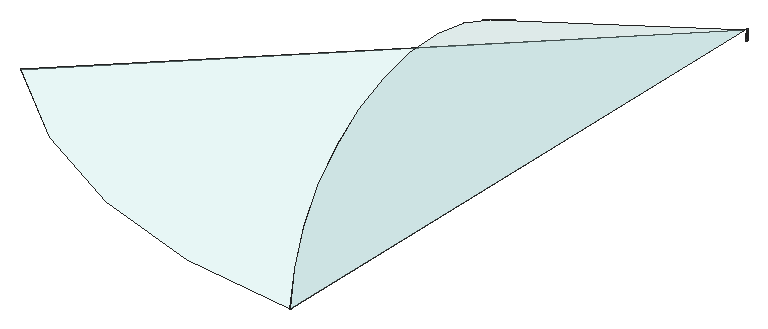
Revit family "Rotor 5000 Series - 5004PCNP", category Acessórios do tubo, Revit 2020
Family settings
  Cota do conector redondo = Utilizar diâmetro
  Tipo de parte = Normal
  Número OmniClass = 23.60.30.11.14
  Título OmniClass = Pipework Fittings
  Com base no plano de trabalho = Não
  Sempre na vertical = Sim
  Corte com vazios quando carregada = Não
  Compartilhado = Não
Parameters (values of type "Rain Curtain 6.0")
  Water = Water
  URL = "https://www.rainbird.com/"
  TABLE 65 = "TABLE 65psi"
  TABLE 55 75 = "TABLE 55 75psi"
  TABLE 55 = "TABLE 55psi"
  TABLE 45 = "TABLE 45psi"
  TABLE 35 = "TABLE 35psi"
  TABLE 25 = "TABLE 25psi"
  SupportProjetos: Reviw Date = ""  # constant formula
  SupportProjetos: Reviw = "R00"  # constant formula
  SupportProjetos: Level of Detail = "LOD 300"  # constant formula
  SupportProjetos: Developed = "MICHEL SOARES MOTA"  # constant formula
  SupportProjetos: Creation Date = "07/08/2020"  # constant formula
  Side inlet = no
  Rotation Water Visibility [instance] = Pop up on  # yes
  Rotation Angle [instance] = 45.00°
  RainBird: Product Link = "https://www.rainbird.com/"
  RainBird: Description = "5004PCNP Rotor "  # constant formula
  RainBird: Comment [instance] = ""
  RainBird: Code = "Y55027NP"  # constant formula
  Radius [instance] = if(and(Pressure = 25.0 psi, Instance < 25 ft), size_lookup(TABLE 25, "Radius", 0 ft, Instance), if(and(Pressure = 35.0 psi, Instance < 25 ft), size_lookup(TABLE 35, "Radius", 0 ft, Instance), if(and(Pressure = 45.0 psi, Instance < 25 ft), size_lookup(TABLE 45, "Radius", 0 ft, Instance), if(and(Pressure = 55.0 psi, Instance < 13 ft), size_lookup(TABLE 55, "Radius", 0 ft, Instance), if(and(Pressure = 65.0 psi, Instance < 13 ft), size_lookup(TABLE 65, "Radius", 0 ft, Instance), if(and(Pressure > 55.0 psi, Instance > 13 ft), size_lookup(TABLE 55 75, "Radius", 0 ft, Instance), 0 ft))))))  # 50 ft
  RT = 0.009893 ft
  RN = 0.032808 ft
  R5 = 0.03937 ft
  R4 = 0.04101 ft
  R3 = 0.065617 ft
  R2 = 0.075407 ft
  R1 = 0.032808 ft
  Pressure [instance] = 55.0 psi
  Pop up height = 0.334646 ft
  Pop up on [instance] = yes
  Modelo = "5004PCNP"  # constant formula
  Instance = 7 ft
  H1 = Body height / 3  # 0.194663 ft
  Flow [instance] = if(and(Pressure = 25.0 psi, Instance < 25 ft), size_lookup(TABLE 25, "Flow", 0.0 GPM, Instance), if(and(Pressure = 35.0 psi, Instance < 25 ft), size_lookup(TABLE 35, "Flow", 0.0 GPM, Instance), if(and(Pressure = 45.0 psi, Instance < 25 ft), size_lookup(TABLE 45, "Flow", 0.0 GPM, Instance), if(and(Pressure = 55.0 psi, Instance < 13 ft), size_lookup(TABLE 55, "Flow", 0.0 GPM, Instance), if(and(Pressure = 65.0 psi, Instance < 13 ft), size_lookup(TABLE 65, "Flow", 0.0 GPM, Instance), if(and(Pressure > 55.0 psi, Instance > 13 ft), size_lookup(TABLE 55 75, "Flow", 0.0 GPM, Instance), 0.0 GPM))))))  # 6.63 GPM
  Fabricante = "Rain Bird"
  Elevação padrão = 0 ft
  Description = RainBird: Description  # "5004PCNP Rotor "
  DD13 = 0.002625 ft
  DD12 = 0.003937 ft
  DD11 = 0.009897 ft
  DD10 = 0.016404 ft
  DD8 [instance] = if(Pop up on, Pop up height, 0 ft)  # 0.334646 ft
  DD7 = 0.019685 ft
  DD6 [instance] = 0.016404 ft
  DD5 = 0.065617 ft
  DD4 = 0.032808 ft
  DD3 = 0.091048 ft
  DD2 [instance] = 0.024514 ft
  DD9 [instance] = if(Pop up on, Pop up height + 0.049541 ft, 0 ft)  # 0.384186 ft
  DD1 = 0.006562 ft
  Conection = 0.062664 ft  # constant formula
  Body height = 0.58399 ft
  Blue = Blue Plastic
  Black Plastic = Black Plastic
  Angle = 25.00°
Types (25, lengths in ft): name | Rotation Angle | Radius | Pressure | Instance | Flow
  (no name) | 45.00° | 50 | 55.0 psi | 7 | 6.63 GPM
  Rain Curtain 1.5 | 180.00° | 33 | 25.0 psi | 1 | 1.12 GPM
  Rain Curtain 2.0 | 180.00° | 35 | 25.0 psi | 2 | 1.5 GPM
  Rain Curtain 3.0 | 180.00° | 36 | 25.0 psi | 4 | 2.26 GPM
  Rain Curtain 4.0 | 180.00° | 36 | 25.0 psi | 5 | 2.91 GPM
  Rain Curtain 5.0 | 180.00° | 37 | 25.0 psi | 6 | 3.72 GPM
  Rain Curtain 6.0 | 45.00° | 50 | 55.0 psi | 7 | 6.63 GPM
  Rain Curtain 8.0 | 180.00° | 33 | 25.0 psi | 8 | 5.9 GPM
  Rain Curtain 2.5 | 180.00° | 35 | 25.0 psi | 3 | 1.81 GPM
  1.0 LA | 180.00° | 25 | 25.0 psi | 9 | 0.76 GPM
  1.5 LA | 180.00° | 27 | 25.0 psi | 10 | 1.15 GPM
  2.0 LA | 180.00° | 29 | 25.0 psi | 11 | 1.47 GPM
  3.0 LA | 180.00° | 29 | 25.0 psi | 12 | 2.23 GPM
  PRS Rain Curtain 1.5 | 180.00° | 33 | 25.0 psi | 13 | 1.12 GPM
  PRS Rain Curtain 2.0 | 180.00° | 35 | 25.0 psi | 14 | 1.5 GPM
  PRS Rain Curtain 2.5 | 180.00° | 35 | 25.0 psi | 15 | 1.81 GPM
  PRS Rain Curtain 3.0 | 180.00° | 36 | 25.0 psi | 16 | 2.26 GPM
  PRS Rain Curtain 4.0 | 180.00° | 36 | 25.0 psi | 17 | 2.91 GPM
  PRS Rain Curtain 5.0 | 180.00° | 37 | 25.0 psi | 18 | 3.72 GPM
  PRS Rain Curtain 6.0 | 180.00° | 37 | 25.0 psi | 19 | 4.25 GPM
  PRS Rain Curtain 8.0 | 180.00° | 33 | 25.0 psi | 20 | 5.9 GPM
  PRS 1.0 LA | 180.00° | 25 | 25.0 psi | 21 | 0.76 GPM
  PRS 1.5 LA | 180.00° | 27 | 25.0 psi | 22 | 1.15 GPM
  PRS 2.0 LA | 180.00° | 29 | 25.0 psi | 23 | 1.47 GPM
  PRS 3.0 LA | 180.00° | 29 | 25.0 psi | 24 | 2.23 GPM
Reference planes (ft)
  plane 1 "Centro (Frente/Trás)": y = 0
  plane 2: z = 0
  plane 3 "Centro (Esquerda/Direita)": x = 0
  plane 4: z = 0.003937
  plane 5: z = 0.002625
  plane 6: y = -0.065617
Forms (ft)
  Revolve 1, solid, material "Black Plastic" <- "Black Plastic"
    sketch origin (0, 0, 0) x (1, 0, 0) y (0, 0, 1)
      loop
        line (0.075407, -0.091048) -> (0.075407, -0.035324)
        arc (0.075407, -0.035324) -> (0.072509, -0.028329) -> (0.065514, -0.025431) r 0.009893
        line (0.065514, -0.025431) -> (0.046098, -0.025431) -> (0.046098, 0) -> (0.03937, 0) -> (0.03937, -0.334646) -> (0.019685, -0.334646) -> (0.019685, -0.577428) -> (0.032808, -0.577428) -> (0.032808, -0.58399) -> (0.04101, -0.58399) -> (0.04101, -0.577428) -> (0.055724, -0.577428)
        arc (0.055724, -0.577428) -> (0.062719, -0.57453) -> (0.065617, -0.567535) r 0.009893
        line (0.065617, -0.567535) -> (0.065617, -0.091048) -> (0.075407, -0.091048)
      axis (0, -0.58399) -> (0, 0)
    angle from 0 to 360
  Extrusion 2, solid, material "Black Plastic" <- "Black Plastic"
    sketch origin (0, 0, 0) x (1, 0, 0) y (0, 1, 0)
      loop
        circle (0, 0) r 0.032808
    from -0.334646 to 0.334646
  Extrusion 3, void
    sketch origin (0, 0, 0) x (1, 0, 0) y (0, 1, 0)
      loop
        circle (0, 0) r 0.022844
    from -0.334646 to 0.334646
  Revolve 4, solid, material "Black Plastic" <- "Black Plastic"
    sketch origin (0, 0, 0) x (1, 0, 0) y (0, 0, 1)
      loop
        line (0, 0.334646) -> (0.037004, 0.334646) -> (0.037004, 0.344543)
        arc (0.037004, 0.344543) -> (0.01879, 0.349436) -> (0, 0.35105) r 0.10685
        line (0, 0.35105) -> (0, 0.334646)
      axis (0, 0.334646) -> (0, 0.35105)
    angle from 0 to 360
  Extrusion 5, solid, material "Blue Plastic" <- "Blue"
    sketch origin (0, 0, 0) x (1, 0, 0) y (0, 0, 1)
      loop
        circle (0, 0.310131) r 0.009129
      loop
        circle (0, 0.310131) r 0.004793
    from 0 to 0.034386
  Extrusion 6, void
    sketch origin (0, 0, 0) x (1, 0, 0) y (0, 0, 1)
      loop
        line (-0.02074, 0.328055) -> (-0.02074, 0.282426) -> (0.020672, 0.282426) -> (0.020672, 0.328055) -> (-0.02074, 0.328055)
      loop
        line (-0.018439, 0.325179) -> (-0.018439, 0.285685) -> (0.018179, 0.285685) -> (0.018179, 0.325179) -> (-0.018439, 0.325179)
    from 0.024556 to 0.06931
  Extrusion 7, solid, material "Black Plastic" <- "Black Plastic"
    sketch origin (0, 0, 0) x (1, 0, 0) y (0, 0, 1)
      loop
        line (0.046098, 0) -> (0.046098, -0.036876) -> (0.073493, -0.036876) -> (0.046098, 0)
    from -0.002998 to 0.002998
  Extrusion 8, solid, material "Black Plastic" <- "Black Plastic"
    sketch origin (0, 0, 0) x (-1, 0, 0) y (0, 0, -1)
      loop
        line (0.046098, 0) -> (0.073493, 0.036876) -> (0.046098, 0.036876) -> (0.046098, 0)
    from -0.002998 to 0.002998
  Extrusion 9, solid, material "Black Plastic" <- "Black Plastic"
    sketch origin (0, 0, 0) x (0.866025, 0.5, 0) y (0, 0, 1)
      loop
        line (0.046098, 0) -> (0.046098, -0.036876) -> (0.073493, -0.036876) -> (0.046098, 0)
    from -0.002998 to 0.002998
  Extrusion 10, solid, material "Black Plastic" <- "Black Plastic"
    sketch origin (0, 0, 0) x (-0.866025, -0.5, 0) y (0, 0, -1)
      loop
        line (0.046098, 0) -> (0.073493, 0.036876) -> (0.046098, 0.036876) -> (0.046098, 0)
    from -0.002998 to 0.002998
  Extrusion 11, solid, material "Black Plastic" <- "Black Plastic"
    sketch origin (0, 0, 0) x (0, 1, 0) y (0, 0, 1)
      loop
        line (0.046098, 0) -> (0.046098, -0.036876) -> (0.073493, -0.036876) -> (0.046098, 0)
    from -0.002998 to 0.002998
  Extrusion 12, solid, material "Black Plastic" <- "Black Plastic"
    sketch origin (0, 0, 0) x (0, -1, 0) y (0, 0, -1)
      loop
        line (0.046098, 0) -> (0.073493, 0.036876) -> (0.046098, 0.036876) -> (0.046098, 0)
    from -0.002998 to 0.002998
  Extrusion 13, solid, material "Black Plastic" <- "Black Plastic"
    sketch origin (0, 0, 0) x (0.5, 0.866025, 0) y (0, 0, 1)
      loop
        line (0.046098, 0) -> (0.046098, -0.036876) -> (0.073493, -0.036876) -> (0.046098, 0)
    from -0.002998 to 0.002998
  Extrusion 14, solid, material "Black Plastic" <- "Black Plastic"
    sketch origin (0, 0, 0) x (-0.5, -0.866025, 0) y (0, 0, -1)
      loop
        line (0.046098, 0) -> (0.073493, 0.036876) -> (0.046098, 0.036876) -> (0.046098, 0)
    from -0.002998 to 0.002998
  Extrusion 15, solid, material "Black Plastic" <- "Black Plastic"
    sketch origin (0, 0, 0) x (-0.5, 0.866025, 0) y (0, 0, 1)
      loop
        line (0.046098, 0) -> (0.046098, -0.036876) -> (0.073493, -0.036876) -> (0.046098, 0)
    from -0.002998 to 0.002998
  Extrusion 16, solid, material "Black Plastic" <- "Black Plastic"
    sketch origin (0, 0, 0) x (0.5, -0.866025, 0) y (0, 0, -1)
      loop
        line (0.046098, 0) -> (0.073493, 0.036876) -> (0.046098, 0.036876) -> (0.046098, 0)
    from -0.002998 to 0.002998
  Extrusion 17, solid, material "Black Plastic" <- "Black Plastic"
    sketch origin (0, 0, 0) x (-0.866025, 0.5, 0) y (0, 0, 1)
      loop
        line (0.046098, 0) -> (0.046098, -0.036876) -> (0.073493, -0.036876) -> (0.046098, 0)
    from -0.002998 to 0.002998
  Extrusion 18, solid, material "Black Plastic" <- "Black Plastic"
    sketch origin (0, 0, 0) x (0.866025, -0.5, 0) y (0, 0, -1)
      loop
        line (0.046098, 0) -> (0.073493, 0.036876) -> (0.046098, 0.036876) -> (0.046098, 0)
    from -0.002998 to 0.002998
  Extrusion 19, void
    sketch origin (0, 0, 0) x (1, 0, 0) y (0, 1, 0)
      loop
        line (-0.002998, 0.077702) -> (-0.002998, 0.071655) -> (0.002998, 0.071655) -> (0.002998, 0.077702) -> (-0.002998, 0.077702)
    from -0.091048 to 0.82021
  Extrusion 20, void
    sketch origin (0, 0, 0) x (1, 0, 0) y (0, 1, 0)
      loop
        line (0.002998, -0.077702) -> (0.002998, -0.071655) -> (-0.002998, -0.071655) -> (-0.002998, -0.077702) -> (0.002998, -0.077702)
    from -0.091048 to 0.82021
  Extrusion 21, void
    sketch origin (0, 0, 0) x (0.965926, 0.258819, 0) y (-0.258819, 0.965926, 0)
      loop
        line (-0.002998, 0.077702) -> (-0.002998, 0.071655) -> (0.002998, 0.071655) -> (0.002998, 0.077702) -> (-0.002998, 0.077702)
    from -0.091048 to 0.82021
  Extrusion 22, void
    sketch origin (0, 0, 0) x (0.965926, 0.258819, 0) y (-0.258819, 0.965926, 0)
      loop
        line (0.002998, -0.077702) -> (0.002998, -0.071655) -> (-0.002998, -0.071655) -> (-0.002998, -0.077702) -> (0.002998, -0.077702)
    from -0.091048 to 0.82021
  Extrusion 23, void
    sketch origin (0, 0, 0) x (0.866025, 0.5, 0) y (-0.5, 0.866025, 0)
      loop
        line (-0.002998, 0.077702) -> (-0.002998, 0.071655) -> (0.002998, 0.071655) -> (0.002998, 0.077702) -> (-0.002998, 0.077702)
    from -0.091048 to 0.82021
  Extrusion 24, void
    sketch origin (0, 0, 0) x (0.866025, 0.5, 0) y (-0.5, 0.866025, 0)
      loop
        line (0.002998, -0.077702) -> (0.002998, -0.071655) -> (-0.002998, -0.071655) -> (-0.002998, -0.077702) -> (0.002998, -0.077702)
    from -0.091048 to 0.82021
  Extrusion 25, void
    sketch origin (0, 0, 0) x (0.5, 0.866025, 0) y (-0.866025, 0.5, 0)
      loop
        line (-0.002998, 0.077702) -> (-0.002998, 0.071655) -> (0.002998, 0.071655) -> (0.002998, 0.077702) -> (-0.002998, 0.077702)
    from -0.091048 to 0.82021
  Extrusion 26, void
    sketch origin (0, 0, 0) x (0.5, 0.866025, 0) y (-0.866025, 0.5, 0)
      loop
        line (0.002998, -0.077702) -> (0.002998, -0.071655) -> (-0.002998, -0.071655) -> (-0.002998, -0.077702) -> (0.002998, -0.077702)
    from -0.091048 to 0.82021
  Extrusion 27, void
    sketch origin (0, 0, 0) x (0.707107, 0.707107, 0) y (-0.707107, 0.707107, 0)
      loop
        line (-0.002998, 0.077702) -> (-0.002998, 0.071655) -> (0.002998, 0.071655) -> (0.002998, 0.077702) -> (-0.002998, 0.077702)
    from -0.091048 to 0.82021
  Extrusion 28, void
    sketch origin (0, 0, 0) x (0.707107, 0.707107, 0) y (-0.707107, 0.707107, 0)
      loop
        line (0.002998, -0.077702) -> (0.002998, -0.071655) -> (-0.002998, -0.071655) -> (-0.002998, -0.077702) -> (0.002998, -0.077702)
    from -0.091048 to 0.82021
  Extrusion 29, void
    sketch origin (0, 0, 0) x (0.258819, 0.965926, 0) y (-0.965926, 0.258819, 0)
      loop
        line (-0.002998, 0.077702) -> (-0.002998, 0.071655) -> (0.002998, 0.071655) -> (0.002998, 0.077702) -> (-0.002998, 0.077702)
    from -0.091048 to 0.82021
  Extrusion 30, void
    sketch origin (0, 0, 0) x (0.258819, 0.965926, 0) y (-0.965926, 0.258819, 0)
      loop
        line (0.002998, -0.077702) -> (0.002998, -0.071655) -> (-0.002998, -0.071655) -> (-0.002998, -0.077702) -> (0.002998, -0.077702)
    from -0.091048 to 0.82021
  Extrusion 31, void
    sketch origin (0, 0, 0) x (0, 1, 0) y (-1, 0, 0)
      loop
        line (-0.002998, 0.077702) -> (-0.002998, 0.071655) -> (0.002998, 0.071655) -> (0.002998, 0.077702) -> (-0.002998, 0.077702)
    from -0.091048 to 0.82021
  Extrusion 32, void
    sketch origin (0, 0, 0) x (0, 1, 0) y (-1, 0, 0)
      loop
        line (0.002998, -0.077702) -> (0.002998, -0.071655) -> (-0.002998, -0.071655) -> (-0.002998, -0.077702) -> (0.002998, -0.077702)
    from -0.091048 to 0.82021
  Extrusion 33, void
    sketch origin (0, 0, 0) x (-0.258819, 0.965926, 0) y (-0.965926, -0.258819, 0)
      loop
        line (-0.002998, 0.077702) -> (-0.002998, 0.071655) -> (0.002998, 0.071655) -> (0.002998, 0.077702) -> (-0.002998, 0.077702)
    from -0.091048 to 0.82021
  Extrusion 34, void
    sketch origin (0, 0, 0) x (-0.258819, 0.965926, 0) y (-0.965926, -0.258819, 0)
      loop
        line (0.002998, -0.077702) -> (0.002998, -0.071655) -> (-0.002998, -0.071655) -> (-0.002998, -0.077702) -> (0.002998, -0.077702)
    from -0.091048 to 0.82021
  Extrusion 35, void
    sketch origin (0, 0, 0) x (-0.5, 0.866025, 0) y (-0.866025, -0.5, 0)
      loop
        line (-0.002998, 0.077702) -> (-0.002998, 0.071655) -> (0.002998, 0.071655) -> (0.002998, 0.077702) -> (-0.002998, 0.077702)
    from -0.091048 to 0.82021
  Extrusion 36, void
    sketch origin (0, 0, 0) x (-0.5, 0.866025, 0) y (-0.866025, -0.5, 0)
      loop
        line (0.002998, -0.077702) -> (0.002998, -0.071655) -> (-0.002998, -0.071655) -> (-0.002998, -0.077702) -> (0.002998, -0.077702)
    from -0.091048 to 0.82021
  Extrusion 37, void
    sketch origin (0, 0, 0) x (-0.707107, 0.707107, 0) y (-0.707107, -0.707107, 0)
      loop
        line (-0.002998, 0.077702) -> (-0.002998, 0.071655) -> (0.002998, 0.071655) -> (0.002998, 0.077702) -> (-0.002998, 0.077702)
    from -0.091048 to 0.82021
  Extrusion 38, void
    sketch origin (0, 0, 0) x (-0.707107, 0.707107, 0) y (-0.707107, -0.707107, 0)
      loop
        line (0.002998, -0.077702) -> (0.002998, -0.071655) -> (-0.002998, -0.071655) -> (-0.002998, -0.077702) -> (0.002998, -0.077702)
    from -0.091048 to 0.82021
  Extrusion 39, void
    sketch origin (0, 0, 0) x (-0.866025, 0.5, 0) y (-0.5, -0.866025, 0)
      loop
        line (-0.002998, 0.077702) -> (-0.002998, 0.071655) -> (0.002998, 0.071655) -> (0.002998, 0.077702) -> (-0.002998, 0.077702)
    from -0.091048 to 0.82021
  Extrusion 40, void
    sketch origin (0, 0, 0) x (-0.866025, 0.5, 0) y (-0.5, -0.866025, 0)
      loop
        line (0.002998, -0.077702) -> (0.002998, -0.071655) -> (-0.002998, -0.071655) -> (-0.002998, -0.077702) -> (0.002998, -0.077702)
    from -0.091048 to 0.82021
  Extrusion 41, void
    sketch origin (0, 0, 0) x (-0.965926, 0.258819, 0) y (-0.258819, -0.965926, 0)
      loop
        line (-0.002998, 0.077702) -> (-0.002998, 0.071655) -> (0.002998, 0.071655) -> (0.002998, 0.077702) -> (-0.002998, 0.077702)
    from -0.091048 to 0.82021
  Extrusion 42, void
    sketch origin (0, 0, 0) x (-0.965926, 0.258819, 0) y (-0.258819, -0.965926, 0)
      loop
        line (0.002998, -0.077702) -> (0.002998, -0.071655) -> (-0.002998, -0.071655) -> (-0.002998, -0.077702) -> (0.002998, -0.077702)
    from -0.091048 to 0.82021
  Extrusion 43, solid, material "Water" <- "Water", visible <- "Rotation Water Visibility"
    sketch origin (0, 0, 0) x (0, 1, 0) y (0, 0, 1)
      loop
        line (-0.032808, 0.310131) -> (-28.112196, 13.403765)
        arc (-28.112196, 13.403765) -> (-42.542576, 12.666347) -> (-50.032808, 0.310131) r 15.426605
        line (-50.032808, 0.310131) -> (-0.032808, 0.310131)
    from -0.008202 to 0.008202
Cuts and joins
  Extrusion 3, Extrusion 6 cuts Extrusion 2
  Extrusion 19, Extrusion 20, Extrusion 21, Extrusion 22, Extrusion 23, Extrusion 24, Extrusion 25, Extrusion 26, Extrusion 27, Extrusion 28, Extrusion 29, Extrusion 30, Extrusion 31, Extrusion 32, Extrusion 33, Extrusion 34, Extrusion 35, Extrusion 36, Extrusion 37, Extrusion 38, Extrusion 39, Extrusion 40, Extrusion 41, Extrusion 42 cuts Revolve 1
Dimensions and locks (ft)
  "Body height": level to Revolve 1 sketch curve
  "R2": Revolve 1 sketch curve to plane 3 "Centro (Esquerda/Direita)"
  "DD1": Revolve 1 sketch curve to Revolve 1 sketch curve
  "DD3": level to Revolve 1 sketch curve
  Revolve 1 sketch curve to plane 3 "Centro (Esquerda/Direita)" = 0.065617 ft
  "R4": Revolve 1 sketch curve to plane 3 "Centro (Esquerda/Direita)"
  "RN": Revolve 1 sketch curve to plane 3 "Centro (Esquerda/Direita)"
  "Pop up height": level to Revolve 1 sketch curve
  "R5": plane 3 "Centro (Esquerda/Direita)" to Revolve 1 sketch curve
  "DD7": Revolve 1 sketch curve to plane 3 "Centro (Esquerda/Direita)"
  "DD8": Extrusion 2 to level
  "DD12": plane 4 to level
  "DD13": plane 5 to level
  "R3": plane 6 to plane 1 "Centro (Frente/Trás)"
  "DD5": Revolve 1 sketch curve to Revolve 1 sketch curve
  "DD10": Revolve 4 sketch curve to Revolve 4 sketch curve
  "DD11": Revolve 4 sketch curve to Revolve 4 sketch curve
  "DD2": Revolve 4 to Extrusion 5 sketch curve  (x2)
  Extrusion 7 to plane 3 "Centro (Esquerda/Direita)" = 0.046098 ft
  equal spacing: Extrusion 7, plane 1 "Centro (Frente/Trás)", Extrusion 7
  Extrusion 8 to Extrusion 8 = 0.005995 ft
  Extrusion 9 to Extrusion 9 = 0.005995 ft
  Extrusion 20 sketch curve to Extrusion 20 sketch curve = 0.005995 ft
  Extrusion 22 sketch curve to Extrusion 22 sketch curve = 0.005995 ft
  Extrusion 24 sketch curve to Extrusion 24 sketch curve = 0.005995 ft
  Extrusion 26 sketch curve to Extrusion 26 sketch curve = 0.005995 ft
  Extrusion 28 sketch curve to Extrusion 28 sketch curve = 0.005995 ft
  Extrusion 30 sketch curve to Extrusion 30 sketch curve = 0.005995 ft
  Extrusion 32 sketch curve to Extrusion 32 sketch curve = 0.005995 ft
  Extrusion 34 sketch curve to Extrusion 34 sketch curve = 0.005995 ft
  Extrusion 36 sketch curve to Extrusion 36 sketch curve = 0.005995 ft
  Extrusion 38 sketch curve to Extrusion 38 sketch curve = 0.005995 ft
  Extrusion 40 sketch curve to Extrusion 40 sketch curve = 0.005995 ft
  Extrusion 42 sketch curve to Extrusion 42 sketch curve = 0.005995 ft
  "DD4": plane 1 "Centro (Frente/Trás)" to Extrusion 43 sketch curve
  "DD2": Revolve 4 to Extrusion 43 sketch curve
  "Radius": Extrusion 43 sketch curve to Extrusion 43 sketch curve
  equal spacing: Extrusion 43, plane 3 "Centro (Esquerda/Direita)", Extrusion 43
  "DD6": Extrusion 43 to Extrusion 43
  "DD2": Revolve 4 to nested 1
  "RT": radius of Revolve 1 sketch curve  (x2)
  "R1": radius of Extrusion 2 sketch curve
  "Angle": angle Extrusion 43 sketch curve to Extrusion 43 sketch curve
  aligned and locked: level to plane 2
  aligned and locked: Revolve 1 sketch curve to Revolve 1 sketch curve
  aligned and locked: Extrusion 2 to Revolve 1
  aligned and locked: cut or joined group of Extrusion 2, Extrusion 3, Extrusion 6 to cut or joined group of Extrusion 2, Extrusion 3, Extrusion 6  (x2)
  aligned and locked: Revolve 4 sketch curve to cut or joined group of Extrusion 2, Extrusion 3, Extrusion 6
  aligned and locked: Extrusion 20 to Revolve 1
  aligned and locked: Extrusion 22 to Revolve 1
  aligned and locked: Extrusion 24 to Revolve 1
  aligned and locked: Extrusion 28 to Revolve 1
  aligned and locked: Extrusion 26 to Revolve 1
  aligned and locked: Extrusion 30 to Revolve 1
  aligned and locked: Extrusion 32 to Revolve 1
  aligned and locked: Extrusion 34 to Revolve 1
  aligned and locked: Revolve 1 to Extrusion 36
  aligned and locked: Revolve 1 to Extrusion 38
  aligned and locked: Extrusion 41 to Revolve 1
  aligned and locked: Extrusion 39 to Revolve 1
  aligned and locked: Extrusion 37 to Revolve 1
  aligned and locked: Extrusion 35 to Revolve 1
  aligned and locked: Extrusion 33 to Revolve 1
  aligned and locked: Extrusion 31 to Revolve 1
  aligned and locked: Extrusion 29 to Revolve 1
  aligned and locked: Revolve 1 to Extrusion 25
  aligned and locked: Revolve 1 to Extrusion 27
  aligned and locked: Revolve 1 to Extrusion 19
  aligned and locked: Revolve 1 to Extrusion 21
  aligned and locked: Revolve 1 to Extrusion 42
  aligned and locked: Revolve 1 to Extrusion 40
  aligned and locked: Revolve 1 to Extrusion 23
Automatic sketch dimensions
  plane 1 "Centro (Frente/Trás)" to Extrusion 2 sketch curve = 0 ft
  Extrusion 2 sketch curve to plane 3 "Centro (Esquerda/Direita)" = 0 ft
  plane 1 "Centro (Frente/Trás)" to Extrusion 3 sketch curve = 0 ft
  Extrusion 3 sketch curve to plane 3 "Centro (Esquerda/Direita)" = 0 ft
  Revolve 4 sketch curve to plane 3 "Centro (Esquerda/Direita)" = 0 ft  (x2)
  plane 3 "Centro (Esquerda/Direita)" to Revolve 4 sketch curve = 0.000284 ft
  plane 3 "Centro (Esquerda/Direita)" to Revolve 4 sketch curve = 0.037004 ft
  Revolve 4 sketch curve to Revolve 4 sketch curve = 0.015719 ft
  Revolve 4 sketch curve to Revolve 4 sketch curve = 0.114829 ft
  Extrusion 5 sketch curve to Extrusion 5 sketch curve = 0 ft
  Extrusion 5 sketch curve to plane 3 "Centro (Esquerda/Direita)" = 0 ft
  Extrusion 6 sketch curve to plane 3 "Centro (Esquerda/Direita)" = 0.02074 ft
  Extrusion 6 sketch curve to Extrusion 6 sketch curve = 0.002301 ft
  plane 3 "Centro (Esquerda/Direita)" to Extrusion 6 sketch curve = 0.018179 ft
  Extrusion 6 sketch curve to Extrusion 6 sketch curve = 0.002492 ft
  plane 4 to Extrusion 6 sketch curve = 0.278489 ft
  Extrusion 6 sketch curve to Extrusion 6 sketch curve = 0.003259 ft
  Extrusion 6 sketch curve to Extrusion 6 sketch curve = 0.039494 ft
  Extrusion 6 sketch curve to Extrusion 6 sketch curve = 0.002876 ft
  Extrusion 7 sketch curve to level = 0 ft
  plane 3 "Centro (Esquerda/Direita)" to Extrusion 7 sketch curve = 0.046098 ft
  Extrusion 7 sketch curve to Extrusion 7 sketch curve = 0.027396 ft
  Extrusion 7 sketch curve to Extrusion 7 sketch curve = 0.036876 ft
  Extrusion 8 sketch curve to level = 0 ft
  plane 3 "Centro (Esquerda/Direita)" to Extrusion 8 sketch curve = 0.046098 ft
  Extrusion 8 sketch curve to Extrusion 8 sketch curve = 0.027396 ft
  Extrusion 8 sketch curve to Extrusion 8 sketch curve = 0.036876 ft
  Extrusion 9 sketch curve to level = 0 ft
  Extrusion 9 sketch curve to level = 0.036876 ft
  Extrusion 9 sketch curve to Extrusion 9 sketch curve = 0.027396 ft
  Extrusion 10 sketch curve to level = 0 ft
  Extrusion 10 sketch curve to level = 0.036876 ft
  Extrusion 10 sketch curve to Extrusion 10 sketch curve = 0.027396 ft
  Extrusion 11 sketch curve to level = 0 ft
  Extrusion 11 sketch curve to plane 1 "Centro (Frente/Trás)" = 0.046098 ft
  Extrusion 11 sketch curve to Extrusion 11 sketch curve = 0.027396 ft
  Extrusion 11 sketch curve to Extrusion 11 sketch curve = 0.036876 ft
  Extrusion 12 sketch curve to level = 0 ft
  plane 6 to Extrusion 12 sketch curve = 0.019519 ft
  Extrusion 12 sketch curve to plane 6 = 0.007877 ft
  Extrusion 12 sketch curve to level = 0.036876 ft
  Extrusion 13 sketch curve to level = 0 ft
  Extrusion 13 sketch curve to level = 0.036876 ft
  Extrusion 13 sketch curve to Extrusion 13 sketch curve = 0.027396 ft
  Extrusion 14 sketch curve to level = 0 ft
  Extrusion 14 sketch curve to level = 0.036876 ft
  Extrusion 14 sketch curve to Extrusion 14 sketch curve = 0.027396 ft
  level to Extrusion 15 sketch curve = 0 ft
  Extrusion 15 sketch curve to level = 0.036876 ft
  Extrusion 15 sketch curve to Extrusion 15 sketch curve = 0.027396 ft
  level to Extrusion 16 sketch curve = 0 ft
  Extrusion 16 sketch curve to level = 0.036876 ft
  Extrusion 16 sketch curve to Extrusion 16 sketch curve = 0.027396 ft
  level to Extrusion 17 sketch curve = 0 ft
  Extrusion 17 sketch curve to level = 0.036876 ft
  Extrusion 17 sketch curve to Extrusion 17 sketch curve = 0.027396 ft
  level to Extrusion 18 sketch curve = 0 ft
  Extrusion 18 sketch curve to level = 0.036876 ft
  Extrusion 18 sketch curve to Extrusion 18 sketch curve = 0.027396 ft
  Extrusion 19 sketch curve to plane 3 "Centro (Esquerda/Direita)" = 0.002998 ft
  Extrusion 19 sketch curve to plane 1 "Centro (Frente/Trás)" = 0.071655 ft
  Extrusion 19 sketch curve to Extrusion 19 sketch curve = 0.006047 ft
  plane 3 "Centro (Esquerda/Direita)" to Extrusion 20 sketch curve = 0.002998 ft
  plane 6 to Extrusion 20 sketch curve = 0.006038 ft
  Extrusion 20 sketch curve to Extrusion 20 sketch curve = 0.006047 ft
  plane 3 "Centro (Esquerda/Direita)" to Extrusion 19 sketch curve = 0.002998 ft
  Extrusion 21 sketch curve to plane 3 "Centro (Esquerda/Direita)" = 0.021441 ft
  Extrusion 21 sketch curve to plane 1 "Centro (Frente/Trás)" = 0.068438 ft
  Extrusion 21 sketch curve to Extrusion 21 sketch curve = 0.005995 ft
  Extrusion 21 sketch curve to Extrusion 21 sketch curve = 0.006047 ft
  Extrusion 22 sketch curve to plane 6 = 0.010213 ft
  plane 3 "Centro (Esquerda/Direita)" to Extrusion 22 sketch curve = 0.017215 ft
  Extrusion 22 sketch curve to Extrusion 22 sketch curve = 0.006047 ft
  Extrusion 23 sketch curve to plane 3 "Centro (Esquerda/Direita)" = 0.038424 ft
  Extrusion 23 sketch curve to plane 1 "Centro (Frente/Trás)" = 0.060556 ft
  Extrusion 23 sketch curve to Extrusion 23 sketch curve = 0.005995 ft
  Extrusion 23 sketch curve to Extrusion 23 sketch curve = 0.006047 ft
  Extrusion 24 sketch curve to plane 6 = 0.003174 ft
  plane 3 "Centro (Esquerda/Direita)" to Extrusion 24 sketch curve = 0.036255 ft
  Extrusion 24 sketch curve to Extrusion 24 sketch curve = 0.006047 ft
  Extrusion 25 sketch curve to plane 1 "Centro (Frente/Trás)" = 0.033231 ft
  Extrusion 25 sketch curve to plane 3 "Centro (Esquerda/Direita)" = 0.063554 ft
  Extrusion 25 sketch curve to Extrusion 25 sketch curve = 0.005995 ft
  Extrusion 25 sketch curve to Extrusion 25 sketch curve = 0.006047 ft
  Extrusion 26 sketch curve to plane 6 = 0.02417 ft
  Extrusion 26 sketch curve to plane 3 "Centro (Esquerda/Direita)" = 0.065793 ft
  Extrusion 26 sketch curve to Extrusion 26 sketch curve = 0.006047 ft
  Extrusion 27 sketch curve to plane 1 "Centro (Frente/Trás)" = 0.048548 ft
  Extrusion 27 sketch curve to plane 3 "Centro (Esquerda/Direita)" = 0.052787 ft
  Extrusion 27 sketch curve to Extrusion 27 sketch curve = 0.005995 ft
  Extrusion 27 sketch curve to Extrusion 27 sketch curve = 0.006047 ft
  plane 6 to Extrusion 28 sketch curve = 0.008554 ft
  plane 3 "Centro (Esquerda/Direita)" to Extrusion 28 sketch curve = 0.052824 ft
  Extrusion 28 sketch curve to Extrusion 28 sketch curve = 0.006047 ft
  Extrusion 29 sketch curve to plane 1 "Centro (Frente/Trás)" = 0.01565 ft
  Extrusion 29 sketch curve to plane 3 "Centro (Esquerda/Direita)" = 0.069989 ft
  Extrusion 29 sketch curve to Extrusion 29 sketch curve = 0.005995 ft
  Extrusion 29 sketch curve to Extrusion 29 sketch curve = 0.006047 ft
  plane 1 "Centro (Frente/Trás)" to Extrusion 30 sketch curve = 0.023006 ft
  plane 3 "Centro (Esquerda/Direita)" to Extrusion 30 sketch curve = 0.074278 ft
  Extrusion 30 sketch curve to Extrusion 30 sketch curve = 0.006047 ft
  plane 1 "Centro (Frente/Trás)" to Extrusion 31 sketch curve = 0.002998 ft
  Extrusion 31 sketch curve to plane 1 "Centro (Frente/Trás)" = 0.002998 ft
  Extrusion 31 sketch curve to plane 3 "Centro (Esquerda/Direita)" = 0.071655 ft
  Extrusion 31 sketch curve to Extrusion 31 sketch curve = 0.006047 ft
  plane 1 "Centro (Frente/Trás)" to Extrusion 32 sketch curve = 0.002998 ft
  plane 3 "Centro (Esquerda/Direita)" to Extrusion 32 sketch curve = 0.077702 ft
  Extrusion 32 sketch curve to Extrusion 32 sketch curve = 0.006047 ft
  plane 1 "Centro (Frente/Trás)" to Extrusion 33 sketch curve = 0.021441 ft
  Extrusion 33 sketch curve to plane 3 "Centro (Esquerda/Direita)" = 0.068438 ft
  Extrusion 33 sketch curve to Extrusion 33 sketch curve = 0.005995 ft
  Extrusion 33 sketch curve to Extrusion 33 sketch curve = 0.006047 ft
  Extrusion 34 sketch curve to plane 1 "Centro (Frente/Trás)" = 0.017215 ft
  plane 3 "Centro (Esquerda/Direita)" to Extrusion 34 sketch curve = 0.07583 ft
  Extrusion 34 sketch curve to Extrusion 34 sketch curve = 0.006047 ft
  plane 6 to Extrusion 35 sketch curve = 0.027193 ft
  Extrusion 35 sketch curve to plane 3 "Centro (Esquerda/Direita)" = 0.060556 ft
  Extrusion 35 sketch curve to Extrusion 35 sketch curve = 0.005995 ft
  Extrusion 35 sketch curve to Extrusion 35 sketch curve = 0.006047 ft
  Extrusion 36 sketch curve to plane 1 "Centro (Frente/Trás)" = 0.036255 ft
  plane 3 "Centro (Esquerda/Direita)" to Extrusion 36 sketch curve = 0.068791 ft
  Extrusion 36 sketch curve to Extrusion 36 sketch curve = 0.006047 ft
  plane 6 to Extrusion 37 sketch curve = 0.012829 ft
  Extrusion 37 sketch curve to plane 3 "Centro (Esquerda/Direita)" = 0.048548 ft
  Extrusion 37 sketch curve to Extrusion 37 sketch curve = 0.005995 ft
  Extrusion 37 sketch curve to Extrusion 37 sketch curve = 0.006047 ft
  Extrusion 38 sketch curve to plane 1 "Centro (Frente/Trás)" = 0.052824 ft
  plane 3 "Centro (Esquerda/Direita)" to Extrusion 38 sketch curve = 0.057063 ft
  Extrusion 38 sketch curve to Extrusion 38 sketch curve = 0.006047 ft
  plane 6 to Extrusion 39 sketch curve = 0.002063 ft
  Extrusion 39 sketch curve to plane 3 "Centro (Esquerda/Direita)" = 0.033231 ft
  Extrusion 39 sketch curve to Extrusion 39 sketch curve = 0.005995 ft
  Extrusion 39 sketch curve to Extrusion 39 sketch curve = 0.006047 ft
  plane 3 "Centro (Esquerda/Direita)" to Extrusion 40 sketch curve = 0.041447 ft
  Extrusion 40 sketch curve to plane 1 "Centro (Frente/Trás)" = 0.065793 ft
  Extrusion 40 sketch curve to Extrusion 40 sketch curve = 0.006047 ft
  Extrusion 41 sketch curve to plane 6 = 0.004372 ft
  Extrusion 41 sketch curve to plane 3 "Centro (Esquerda/Direita)" = 0.01565 ft
  Extrusion 41 sketch curve to Extrusion 41 sketch curve = 0.005995 ft
  Extrusion 41 sketch curve to Extrusion 41 sketch curve = 0.006047 ft
  plane 3 "Centro (Esquerda/Direita)" to Extrusion 42 sketch curve = 0.023006 ft
  Extrusion 42 sketch curve to plane 1 "Centro (Frente/Trás)" = 0.074278 ft
  Extrusion 42 sketch curve to Extrusion 42 sketch curve = 0.006047 ft
  Revolve 1 sketch curve to plane 3 "Centro (Esquerda/Direita)" = 0 ft
  Revolve 1 sketch curve to level = 0 ft
  Revolve 1 sketch curve to Revolve 1 sketch curve = 0.019416 ft
  plane 4 to Revolve 1 sketch curve = 0.079347 ft
  Revolve 1 sketch curve to Revolve 1 sketch curve = 0.918635 ft
  Extrusion 43 sketch curve to level = 0.577487 ft
  radius of Extrusion 3 sketch curve = 0.022844 ft
  radius of Extrusion 5 sketch curve = 0.009129 ft
  radius of Extrusion 5 sketch curve = 0.004793 ft
Nested families (ft)
  nested 1: "Water" at (-0.00023, 0, 0.190873) x (0, -1, 0) z (0, 0, 1), DT9 <- "DD4", Radius <- "Radius", visible <- "Rotation Water Visibility", Rotation Angle <- "Rotation Angle", type "Water"
    with Rotation Angle 45.00°, Radius 50 ft, DT9 0.032808 ft, DT8 0 ft, DT7 200 ft, DT4 250 ft, Angle 2 315.00°
Connectors (ft)
  piping at (0, 0, -0.58399), diameter 2
    settings: on cut or joined group of Revolve 1, Extrusion 19, Extrusion 20, Extrusion 21, Extrusion 22, Extrusion 23, Extrusion 24, Extrusion 25, Extrusion 26, Extrusion 27, Extrusion 28, Extrusion 29, Extrusion 30, Extrusion 31, Extrusion 32, Extrusion 33, Extrusion 34, Extrusion 35, Extrusion 36, Extrusion 37, Extrusion 38, Extrusion 39, Extrusion 40, Extrusion 41, Extrusion 42, index 1, connector inside diameter 609.6 mm, connector length 0 ft, flow factor 0, pipe flow 0.0 GPM, pressure drop 0.0 psi, fitting loss kfactor 0, connector angle 0.00°, fixture units 0, engagement length 0 ft, angle of deflection 0.00°, flow configuration 0, flow direction 0, fitting loss method 0, system type 28, joint type 0, gender type 0, connector reference index -1, connector utility 0, adjustable connector no, is connector primary yes, connector description ""
Definition of nested family "Water"
  Parameters (values of type "Water")
    Water Visibility (Circle) = yes
    Water = none
    URL = ""
    SupportProjetos: Reviw Date = ""  # constant formula
    SupportProjetos: Level of Detail = "LOD 300"  # constant formula
    SupportProjetos: Developed = "MICHEL SOARES MOTA"  # constant formula
    SupportProjetos: Creation Date = "16/07/2020"  # constant formula
    Rotation Angle [instance] = 90.00°
    Reviw = "R00"  # constant formula
    Radius [instance] = 14 ft
    Model = ""
    Default Elevation = 4 ft
    Description = ""
    DT9 [instance] = 0.032808 ft
    DT8 [instance] = if(Rotation Angle = 360.00°, 10 ft, 0 ft)  # 0 ft
    DT7 [instance] = 4 * Radius  # 56 ft
    DT4 [instance] = 5 * Radius  # 70 ft
    DT2 = 0.098425 ft  # constant formula
    DT6 = 0 ft
    Angle 2 [instance] = if(Rotation Angle = 360.00°, 180.00°, 360.00° - Rotation Angle)  # 270.00°
  Reference planes (ft)
    plane 1 "Centro (Frente/Trás)": y = 0
    plane 2: z = 0
    plane 3 "Centro (Esquerda/Direita)": x = 0
  Forms (ft)
    Revolve 1, solid, material <- "Water", visible <- "Water Visibility (Circle)"
      sketch origin (0, 0, 0) x (1, 0, 0) y (0, 0, 1)
        loop
          line (0.032808, 0.098425) -> (14.032808, 0.098425) -> (14.032808, 0.119259) -> (0.032808, 0.119259) -> (0.032808, 0.098425)
        axis (0, 0.098425) -> (0, 0.119259)
      angle from 0 to 360
    Extrusion 2, void
      sketch origin (0, 0, 0) x (1, 0, 0) y (0, 1, 0)
        loop
          line (0, 0) -> (70, 0) -> (70, 56)
          arc (70, 56) -> (-70.459018, 51.588344) -> (0, -70) r 81.847109
          line (0, -70) -> (0, 0)
      from 0 to 15.189231
  Cuts and joins
    Extrusion 2 cuts Revolve 1
  Dimensions and locks (ft)
    "DT2": Revolve 1 sketch curve to level
    "DT4": Extrusion 2 sketch curve to Extrusion 2 sketch curve  (x2)
    "DT6": Extrusion 2 sketch curve to plane 3 "Centro (Esquerda/Direita)"
    "DT7": Extrusion 2 sketch curve to Extrusion 2 sketch curve
    "DT8": cut or joined group of Revolve 1, Extrusion 2 to level
    "Radius": Revolve 1 sketch curve to Revolve 1 sketch curve
    "DT9": Revolve 1 sketch curve to plane 3 "Centro (Esquerda/Direita)"
    "Angle 2": angle Extrusion 2 sketch curve to Extrusion 2 sketch curve
    aligned and locked: level to plane 2
    aligned and locked: plane 1 "Centro (Frente/Trás)" to Extrusion 2 sketch curve
  Automatic sketch dimensions
    plane 3 "Centro (Esquerda/Direita)" to Extrusion 2 sketch curve = 1.088227 ft
    Revolve 1 sketch curve to plane 3 "Centro (Esquerda/Direita)" = 0 ft
    Revolve 1 sketch curve to Revolve 1 sketch curve = 0.020833 ft
    Revolve 1 sketch curve to Revolve 1 sketch curve = 0.032113 ft
    Revolve 1 sketch curve to Revolve 1 sketch curve = 10.2693 ft
